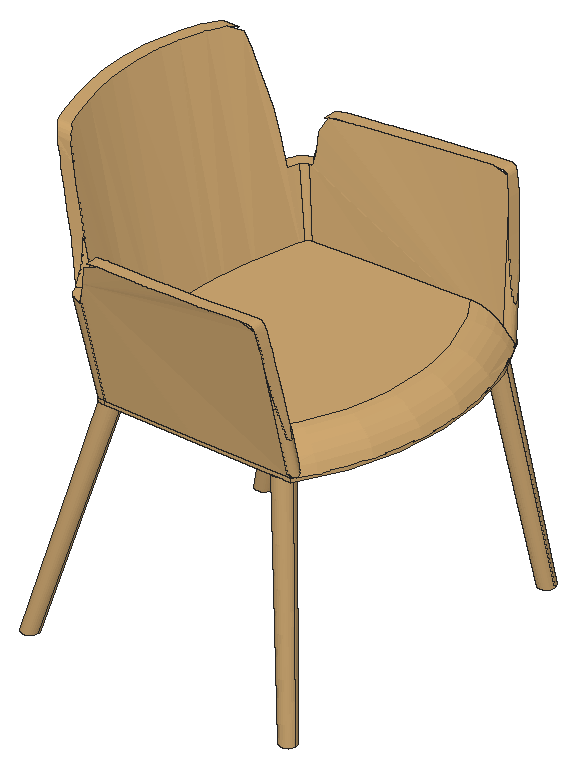
Revit family "Furniture_Chair_ALTEA 2.4", category Furniture, Revit 2019
Family settings
  OmniClass Number = 23.21.23.15.17
  Work Plane-Based = Yes
  Always vertical = No
  Cut with Voids When Loaded = No
  Shared = No
  Room Calculation Point = No
Parameters (values of type "ALTEA 2.4")
  Youtube clip = ""
  Uniformat II Description = "Movable Furnishings"
  Uniformat II Code = ""
  Uniclass 2015 Name = ""
  Uniclass 2015 Code = ""
  Uniclass 2.0 Description = ""
  Uniclass 2.0 Code = ""
  Uniclass 1.4 Description = ""
  Uniclass 1.4 Code = ""
  UNSPSC Code = ""
  Technical description = ""
  Shell Material = Leather - Sandler Leather - Sunni CPC20
  Frame Material = Wood - OAK - Natual OAK
  401D = no
  Region South America = "All"
  Region Oceania = "All"
  Region North America = "All"
  Region Middle East = "All"
  Region Europe = "All"
  Region Asia = "All"
  Region Antarctica = "All"
  Region Africa = "All"
  QR code = "https://www.sandlerseating.com/product/altea-2-4/"
  Product url = "https://www.sandlerseating.com/product/altea-2-4/"
  Product name = "ALTEA 2.4"
  Product group = "Chair"
  Product family = "Furniture"
  Product data url = "https://www.sandlerseating.com/product/altea-2-4/"
  Product certification = ""
  Product SKU = "??"
  Product Guid = "??"
  OmniClass Description = ""
  OmniClass Code = "23-21 23 15 17"
  NBS Reference Description = ""
  NBS Reference Code = ""
  Model = "ALTEA 2.4"
  Masterformat 2014 Description = "Chair Mats"
  Masterformat 2014 Code = "12 48 43.13"
  Manufacturer name = "Sandler"
  Manufacturer country = "USA"
  Manufacturer = "Sandler"
  401G = no
  Installation instructions = ""
  IFC Classification = "Furnishing Element"
  GTIN code = ""
  Edition number = 1
  Design country = "Brasil"
  Description = "Chair"
  Default Elevation = 1219.200 mm
  Date of publishing = ""
  COBIe Type Category = ""
  Brand url = "https://www.sandlerseating.com/"
  BIMobject main category code = "furniture"
  BIMobject main category = "Furniture"
  BIMobject category code = "furniture-chair"
  BIMobject category = "Chair"
Reference planes
  plane 1 "Center Front/Back": y = 0
  plane 2: z = 0
  plane 3 "Center Left/Right": x = 0
Forms (mm)
  Blend 1, solid, material "Wood - OAK - Natual OAK" <- "Frame Material"
    base sketch origin (0, 0, 800) x (-1, 0, 0) y (0, -1, 0)
      loop
        circle (167.012, -220.434) r 18.758
    top sketch origin (0, 0, 800) x (-1, 0, 0) y (0, -1, 0)
      loop
        circle (280.743, -272.6) r 15
    from -391.441 to -800
  Blend 2, solid, material "Wood - OAK - Natual OAK" <- "Frame Material"
    base sketch origin (0, 0, 800) x (-1, 0, 0) y (0, -1, 0)
      loop
        circle (-168.545, -243.814) r 18.723
    top sketch origin (0, 0, 800) x (-1, 0, 0) y (0, -1, 0)
      loop
        circle (-222.032, -301.045) r 14.773
    from -391.441 to -800
  Blend 3, solid, material "Wood - OAK - Natual OAK" <- "Frame Material"
    base sketch origin (0, 0, 800) x (-1, 0, 0) y (0, -1, 0)
      loop
        circle (167.012, 220.434) r 18.758
    top sketch origin (0, 0, 800) x (-1, 0, 0) y (0, -1, 0)
      loop
        circle (280.743, 272.6) r 15
    from -391.441 to -800
  Blend 4, solid, material "Wood - OAK - Natual OAK" <- "Frame Material"
    base sketch origin (0, 0, 800) x (-1, 0, 0) y (0, -1, 0)
      loop
        circle (-168.545, 243.814) r 18.723
    top sketch origin (0, 0, 800) x (-1, 0, 0) y (0, -1, 0)
      loop
        circle (-222.032, 301.045) r 14.773
    from -391.441 to -800
Dimensions and locks
  aligned and locked: level to plane 2
Nested families
  nested 1: "TP01 - ALTEA" at (24.748, 0.252, 408.559) x (0, 1, 0) z (0, 0, 1), Seat Material <- "Shell Material", type "TP01 - ALTEA"
    with Seat Material Leather - Sandler Leather - Sunni CPC20
Definition of nested family "TP01 - ALTEA"
  Parameters (values of type "TP01 - ALTEA")
    Seat Material [instance] = none
    Frame Material = none
  Reference planes
    plane 1 "Center (Front/Back)": y = 0
    plane 2: z = 0
    plane 3 "Center (Left/Right)": x = 0
  Forms (mm)
    Blend 1, solid, material <- "Seat Material"
      base sketch origin (1.649, 39.388, -163.453) x (-1, 0, 0) y (0, -1, 0)
        loop
          arc (334.023, 166.728) -> (322.457, 178.478) -> (310.526, 167.099) r 11.751
          arc (310.526, 167.099) -> (303.174, -18.729) -> (286.993, -203.997) r 3909.384
          arc (286.993, -203.997) -> (282.503, -216.061) -> (272.859, -224.587) r 26.5
          arc (272.859, -224.587) -> (0, -291.155) -> (-272.859, -224.587) r 592.501
          arc (-272.859, -224.587) -> (-282.503, -216.061) -> (-286.993, -203.997) r 26.5
          arc (-286.993, -203.997) -> (-303.174, -18.729) -> (-310.526, 167.099) r 3909.384
          arc (-310.526, 167.099) -> (-322.457, 178.478) -> (-334.023, 166.728) r 11.751
          arc (-334.023, 166.728) -> (-326.627, -20.217) -> (-310.348, -206.598) r 3932.884
          arc (-310.348, -206.598) -> (-301.878, -229.361) -> (-283.681, -245.446) r 50
          arc (-283.681, -245.446) -> (0, -314.655) -> (283.681, -245.446) r 616.001
          arc (283.681, -245.446) -> (301.878, -229.361) -> (310.348, -206.598) r 50
          arc (310.348, -206.598) -> (326.627, -20.217) -> (334.023, 166.728) r 3932.884
      top sketch origin (1.649, 39.388, -163.453) x (-1, 0, 0) y (0, -1, 0)
        loop
          arc (262.451, 203.371) -> (251.073, 215.042) -> (239.452, 203.613) r 11.5
          arc (239.452, 203.613) -> (236.582, 29.661) -> (230.116, -144.195) r 8413.027
          arc (230.116, -144.195) -> (228.593, -148.232) -> (224.993, -150.609) r 7
          arc (224.993, -150.609) -> (0, -181.203) -> (-224.993, -150.609) r 842.59
          arc (-224.993, -150.609) -> (-228.593, -148.232) -> (-230.116, -144.195) r 7
          arc (-230.116, -144.195) -> (-236.584, 29.731) -> (-239.453, 203.754) r 8413.027
          arc (-239.453, 203.754) -> (-251.023, 215.183) -> (-262.452, 203.613) r 11.5
          arc (-262.452, 203.613) -> (-259.576, 29.114) -> (-253.09, -145.288) r 8436.027
          arc (-253.09, -145.288) -> (-246.564, -162.586) -> (-231.135, -172.773) r 30
          arc (-231.135, -172.773) -> (0, -204.203) -> (231.135, -172.773) r 865.59
          arc (231.135, -172.773) -> (246.564, -162.586) -> (253.09, -145.288) r 30
          arc (253.09, -145.288) -> (259.573, 28.993) -> (262.451, 203.371) r 8436.027
      from 575.151 to 170.527
    Extrusion 2, void
      sketch origin (1.649, 39.388, -402.153) x (1, 0, 0) y (0, 0, 1)
        loop
          line (241.792, 878.559) -> (-241.792, 878.559) -> (-241.792, 574.533)
          spline (-241.792, 574.533) -> (-222.244, 667.119) -> (-209.968, 751.04) -> (-193.997, 799.956) -> (-134.869, 807.42) -> (-47.26, 811.746) -> (11.754, 812.752) -> (83.329, 811.025) -> (159.418, 806.347) -> (203.583, 788.149) -> (213.669, 727.844) -> (228.79, 626.89) -> (241.792, 573.252)
          line (241.792, 573.252) -> (241.792, 878.559)
      from -425.729 to -174.952
    Extrusion 3, void
      sketch origin (1.649, 39.388, -402.153) x (0, 1, 0) y (0, 0, 1)
        loop
          line (180, 573.252) -> (180, 918.131) -> (-263.406, 918.131) -> (-263.406, 388.131) -> (-224.734, 388.131)
          spline (-224.734, 388.131) -> (-197.592, 529.472) -> (-188.512, 590.8) -> (-181.069, 644.637) -> (-171.667, 668.276) -> (-148.002, 669.495) -> (-94.313, 666.754) -> (-22.129, 662.984) -> (50.349, 659.445) -> (106.339, 656.885) -> (140.347, 654.819) -> (156.274, 634.72) -> (172.26, 573.252)
          line (172.26, 573.252) -> (180, 573.252)
      from -510.933 to 454.667
    Blend 4, void
      base sketch origin (-63.981, 43.267, -402.153) x (0.707107, -0.707107, 0) y (0, 0, 1)
        loop
          line (48.212, 813.851) -> (89.225, 573.254) -> (95.547, 573.254) -> (109.227, 636.646) -> (129.234, 813.851) -> (48.212, 813.851)
      top sketch origin (-63.981, 43.267, -402.153) x (0.707107, -0.707107, 0) y (0, 0, 1)
        loop
          line (25.079, 813.851) -> (66.809, 573.254) -> (125.744, 573.254) -> (152.907, 813.851) -> (25.079, 813.851)
      from -200.254 to -421.23
    Blend 5, void
      base sketch origin (65.847, 43.267, -402.153) x (-0.707107, -0.707107, 0) y (0, 0, -1)
        loop
          line (48.212, -813.851) -> (129.234, -813.851) -> (109.227, -636.646) -> (95.547, -573.254) -> (89.225, -573.254) -> (48.212, -813.851)
      top sketch origin (65.847, 43.267, -402.153) x (-0.707107, -0.707107, 0) y (0, 0, -1)
        loop
          line (25.079, -813.851) -> (152.907, -813.851) -> (125.744, -573.254) -> (66.809, -573.254) -> (25.079, -813.851)
      from -200.254 to -421.23
    Extrusion 6, solid, material <- "Seat Material"
      sketch origin (0, 0, -163.453) x (-1, 0, 0) y (0, -1, 0)
        loop
          arc (-254.739, -184.676) -> (-248.213, -201.975) -> (-232.784, -212.162) r 30
          arc (-232.784, -212.162) -> (-1.649, -243.592) -> (229.486, -212.162) r 865.59
          arc (229.486, -212.162) -> (244.915, -201.975) -> (251.441, -184.676) r 30
          arc (251.441, -184.676) -> (258.018, -6.86) -> (260.842, 171.055) r 8436.027
          arc (260.842, 171.055) -> (-1.649, 246.055) -> (-264.141, 171.055) r 496.845
          arc (-264.141, 171.055) -> (-261.316, -6.86) -> (-254.739, -184.676) r 8436.027
      from 163.453 to 220.547
    Sweep 7, void
      path in 3D
        loop
          arc (382.383, -68.423, 57.095) -> (-0.019, -246.052, 57.095) -> (-381.219, -65.86, 57.095) r 496.845
      profile origin (-0.019, -246.052, 57.095) x (-0.003356, -0.999994, 0) y (0, 0, 1)
        loop
          line (0, -51.185) -> (0, 0) -> (-67.925, 0)
          arc (-67.925, 0) -> (-26.385, -15.537) -> (0, -51.185) r 78.107
  Cuts and joins
    Extrusion 2, Extrusion 3, Blend 4, Blend 5 cuts Blend 1
    Sweep 7 cuts Extrusion 6
  Lines and regions (mm)
    sketch lines
      curve 1: arc (382.383, -68.423, 57.095) -> (-0.019, -246.052, 57.095) -> (-381.219, -65.86, 57.095) r 496.845
  Dimensions and locks
    aligned and locked: level to plane 2
